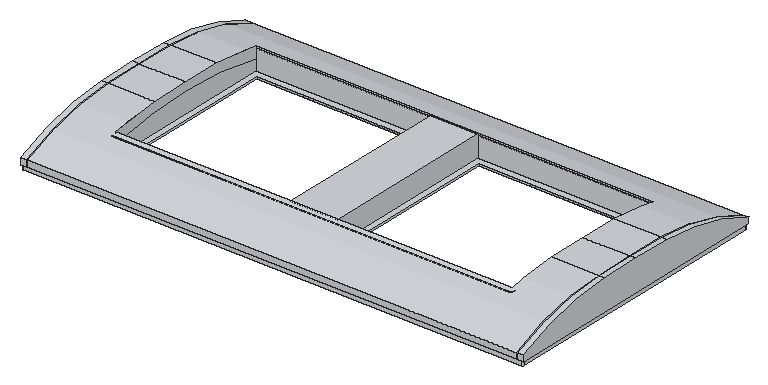
Revit family "Gira_0212733", category Electrical Fixtures, host Face, Revit 2017
Family settings
  Host = Face
  Maintain Annotation Orientation = No
  Round Connector Dimension = Use Diameter
  Part Type = Normal
  Cut with Voids When Loaded = No
  Shared = No
  Room Calculation Point = No
Parameters (values of type "Cov.fr. 2-g interm.fr. PW Gira Event Clear black")
  URL = "http://katalog.gira.de/en/datenblatt.html?artikelnr=0212733"
  Transparent = "No"
  Name = "Cov.fr. 2-g interm.fr. PW Gira Event Clear black"
  Manufacturer URL = "https://www.gira.de/"
  Manufacturer = "Gira"
  Label space/information surface = "No"
  Keynote = ""
  HeinzeBIM = "https://bimportal.heinze.de/bim/cov-fr-2-g-interm-fr-pw-gira-event-clear-black/b4dfec2ce8484905cb165cc5e13e5e3b6ba99a46"
  HAN = "0212733"
  GTIN = "4010337068815"
  Description = "Cov.fr.2g i.fr.PW EvCl BK,Gira Event Clear cover frame,black with pure white glossy intermediate frame,2-gang,Features:,- Shatter-proof."
  Default Elevation = 1219.2 mm
  Data sheet (1) = "https://katalog.gira.de/en/download.html?artikelnr=0212733"
  Category = "Cover frame for domestic switching devices"
  BIM (1) = "https://media.stage.bim.site/public/gira/36a6b08/Event_Rahmen_2fach.rfa"
  Available = "No"
Reference planes
  plane 1 "Center (Front/Back)": y = 0
  plane 2: z = 0
  plane 3 "Center (Left/Right)": x = 0
Forms (mm)
  Extrusion 1, solid, detail levels fine
    sketch origin (0, 0, 0.05) x (0, 1, 0) y (0, 0, 1)
      loop
        arc (12.445, 9.683) -> (6.223, 9.833) -> (0, 9.85) r 291.636
        arc (0, 9.85) -> (-6.223, 9.833) -> (-12.445, 9.683) r 291.636
        arc (-12.445, 9.683) -> (-29.14, 7.482) -> (-45, 1.823) r 79.728
        line (-45, 1.823) -> (-45, -0.05) -> (-42.086, -0.05)
        arc (-42.086, -0.05) -> (-21.385, 5.559) -> (0, 7.206) r 114.424
        arc (0, 7.206) -> (21.385, 5.559) -> (42.086, -0.05) r 114.424
        line (42.086, -0.05) -> (45, -0.05) -> (45, 1.823)
        arc (45, 1.823) -> (29.14, 7.482) -> (12.445, 9.683) r 79.728
    from -78.55 to 78.55
  Extrusion 2, void, detail levels fine
    sketch origin (0, 0, 0) x (1, 0, 0) y (0, 1, 0)
      loop
        line (-63.55, -27.937) -> (63.55, -27.937) -> (63.55, 28.063) -> (-63.55, 28.063) -> (-63.55, -27.937)
    from 0.724 to 11
  Extrusion 3, solid, detail levels coarse
    sketch origin (0, 0, 0) x (1, 0, 0) y (0, 1, 0)
      loop
        line (-80.55, 45) -> (-80.55, -45) -> (80.55, -45) -> (80.55, 45) -> (-80.55, 45)
    from -1.5 to 9.9
  Extrusion 4, solid, detail levels medium
    sketch origin (0, 0, 0.05) x (0, 1, 0) y (0, 0, 1)
      loop
        arc (12.445, 9.683) -> (6.223, 9.833) -> (0, 9.85) r 291.636
        arc (0, 9.85) -> (-6.223, 9.833) -> (-12.445, 9.683) r 291.636
        arc (-12.445, 9.683) -> (-29.14, 7.482) -> (-45, 1.823) r 79.728
        line (-45, 1.823) -> (-45, -0.05) -> (45, -0.05) -> (45, 1.823)
        arc (45, 1.823) -> (29.14, 7.482) -> (12.445, 9.683) r 79.728
    from -80.55 to 80.55
  Extrusion 5, solid, detail levels fine
    sketch origin (-35.55, 0, -1.5) x (0, 1, 0) y (0, 0, -1)
      loop
        line (45, -3.373) -> (45, -1.5) -> (-45, -1.5) -> (-45, -3.373)
        arc (-45, -3.373) -> (-29.14, -9.032) -> (-12.445, -11.233) r 79.728
        arc (-12.445, -11.233) -> (-6.223, -11.383) -> (0, -11.4) r 291.636
        arc (0, -11.4) -> (6.223, -11.383) -> (12.445, -11.233) r 291.636
        arc (12.445, -11.233) -> (29.14, -9.032) -> (45, -3.373) r 79.728
    from 43 to 45
  Extrusion 6, solid, detail levels fine
    sketch origin (0, 0, 0) x (1, 0, 0) y (0, 1, 0)
      loop
        line (-61.45, 25.7) -> (-61.45, -25.7) -> (-9.65, -25.7) -> (-9.65, 25.7) -> (-61.45, 25.7)
      loop
        line (61.45, -25.7) -> (61.45, 25.7) -> (9.65, 25.7) -> (9.65, -25.7) -> (61.45, -25.7)
      loop
        line (-64.445, 28.49) -> (-64.445, -28.495)
        spline (-64.445, -28.495) -> (-64.436, -28.625) -> (-64.411, -28.754) -> (-64.369, -28.878) -> (-64.311, -28.995) -> (-64.238, -29.104) -> (-64.152, -29.202) -> (-64.054, -29.288) -> (-63.945, -29.361) -> (-63.828, -29.419) -> (-63.704, -29.461) -> (-63.575, -29.486) -> (-63.445, -29.495)
        line (-63.445, -29.495) -> (63.445, -29.495)
        spline (63.445, -29.495) -> (63.575, -29.486) -> (63.704, -29.461) -> (63.828, -29.419) -> (63.945, -29.361) -> (64.054, -29.288) -> (64.152, -29.202) -> (64.238, -29.104) -> (64.311, -28.995) -> (64.369, -28.878) -> (64.411, -28.754) -> (64.436, -28.625) -> (64.445, -28.495)
        line (64.445, -28.495) -> (64.445, 28.49)
        spline (64.445, 28.49) -> (64.436, 28.62) -> (64.411, 28.748) -> (64.369, 28.872) -> (64.311, 28.99) -> (64.238, 29.098) -> (64.152, 29.197) -> (64.054, 29.283) -> (63.945, 29.356) -> (63.828, 29.413) -> (63.704, 29.456) -> (63.575, 29.481) -> (63.445, 29.49)
        line (63.445, 29.49) -> (-63.445, 29.49)
        spline (-63.445, 29.49) -> (-63.575, 29.481) -> (-63.704, 29.456) -> (-63.828, 29.413) -> (-63.945, 29.356) -> (-64.054, 29.283) -> (-64.152, 29.197) -> (-64.238, 29.098) -> (-64.311, 28.99) -> (-64.369, 28.872) -> (-64.411, 28.748) -> (-64.436, 28.62) -> (-64.445, 28.49)
    from 0.1 to 7.3
  Extrusion 7, solid
    sketch origin (0, 0, 0) x (1, 0, 0) y (0, 1, 0)
      loop
        arc (-80.25, -44.2) -> (-80.104, -44.554) -> (-79.75, -44.7) r 0.5
        line (-79.75, -44.7) -> (79.75, -44.7)
        arc (79.75, -44.7) -> (80.104, -44.554) -> (80.25, -44.2) r 0.5
        line (80.25, -44.2) -> (80.25, 44.2)
        arc (80.25, 44.2) -> (80.104, 44.554) -> (79.75, 44.7) r 0.5
        line (79.75, 44.7) -> (-79.75, 44.7)
        arc (-79.75, 44.7) -> (-80.104, 44.554) -> (-80.25, 44.2) r 0.5
        line (-80.25, 44.2) -> (-80.25, -44.2)
      loop
        line (-78.55, 43) -> (-78.55, -43) -> (78.55, -43) -> (78.55, 43) -> (-78.55, 43)
    from -1.5 to 0.5
  Extrusion 8, solid, detail levels fine
    sketch origin (35.55, 0, -1.5) x (0, 1, 0) y (0, 0, 1)
      loop
        arc (45, 3.373) -> (29.14, 9.032) -> (12.445, 11.233) r 79.728
        arc (12.445, 11.233) -> (6.223, 11.383) -> (0, 11.4) r 291.636
        arc (0, 11.4) -> (-6.223, 11.383) -> (-12.445, 11.233) r 291.636
        arc (-12.445, 11.233) -> (-29.14, 9.032) -> (-45, 3.373) r 79.728
        line (-45, 3.373) -> (-45, 1.5) -> (45, 1.5) -> (45, 3.373)
    from 43 to 45
  Extrusion 9, solid, detail levels medium
    sketch origin (0, 0, 0) x (1, 0, 0) y (0, 1, 0)
      loop
        line (-80.25, -44.7) -> (80.25, -44.7) -> (80.25, 44.7) -> (-80.25, 44.7) -> (-80.25, -44.7)
    from -1.5 to 0.5
  Extrusion 10, solid, detail levels fine
    sketch origin (0, 0, 0) x (1, 0, 0) y (0, 1, 0)
      loop
        line (-7.55, 28.063) -> (-7.55, -27.937) -> (7.55, -27.937) -> (7.55, 28.063) -> (-7.55, 28.063)
    from 0.724 to 7.566
Cuts and joins
  Extrusion 2 cuts Extrusion 1
  Extrusion 2 cuts Extrusion 6
Dimensions and locks
  aligned and locked: plane 2 to host face
  aligned and locked: level to host face
